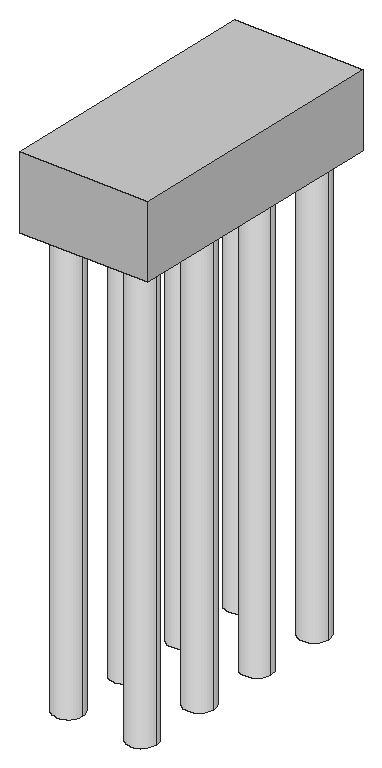
Revit family "ade8cc5d83104b6eba9142663ebb6f5b", category Structural Foundations, Revit 2021
Family settings
  Material for Model Behavior = Concrete
  Cap = No
  OmniClass Number = 23.25.05.11
  OmniClass Title = Foundation Piles
  Seek Item ID = Pile Cap-8 Pile-0000-USA-ENU
  Work Plane-Based = No
  Always vertical = Yes
  Cut with Voids When Loaded = No
  Shared = No
Parameters (values of type "150"x71"x40"")
  Width = 5' - 11"
  Type Visibility 2 = no
  Type Visibility 1 = yes
  Structural Material [instance] = Concrete, Cast-in-Place gray
  Pile Type = Pile-Steel Pipe : 16" Diameter
  Length = 12' - 6"
  Foundation Thickness = 3' - 4"
  Cut-off = 0' - 6"
  Clearance = 1' - 3"
  Assembly Code = "A1010100"
Types (3): name | Width | Type Visibility 2 | Type Visibility 1 | Length | Foundation Thickness | Assembly Code
  (no name) | 5' - 11" | no | yes | 12' - 6" | 3' - 4" | "A1010100"
  150"x71"x40" | 5' - 11" | no | yes | 12' - 6" | 3' - 4" | "A1010100"
  165"x98"x47" | 8' - 2" | yes | no | 13' - 9" | 3' - 11" | "A1010130"
Reference planes (in)
  plane 1 "Center (Front/Back)": y = 0
  plane 2: z = 0
  plane 3 "Center (Left/Right)": x = 0
  plane 4: z = -40
  plane 5: y = 75
  plane 6: x = -35.5
  plane 7: x = 35.5
  plane 8: y = -60
  plane 9: z = -34
  plane 10: x = -20.5
  plane 11: x = 20.5
  plane 12: y = 60
  plane 13: y = -75
  plane 14: y = -20
  plane 15: y = 20
  plane 16: y = 30
  plane 17: y = -30
Forms (in)
  Extrusion 1, solid, material "Concrete, Cast-in-Place gray" <- "Structural Material"
    sketch origin (0, 0, 0) x (1, 0, 0) y (0, 1, 0)
      loop
        line (-35.5, 75) -> (-35.5, -75) -> (35.5, -75) -> (35.5, 75) -> (-35.5, 75)
    from -40 to 0
Dimensions and locks (in)
  "Foundation Thickness": plane 2 to plane 4
  equal spacing: plane 6, plane 3 "Center (Left/Right)", plane 7  (x2)
  "Width": plane 6 to plane 7
  "Cut-off": plane 4 to plane 9
  "Clearance": plane 6 to plane 10
  "Clearance": plane 11 to plane 7
  "Clearance": plane 12 to plane 5
  "Clearance": plane 13 to plane 8
  "Length": plane 5 to plane 13
  equal spacing: plane 5, plane 1 "Center (Front/Back)", plane 13
  equal spacing: plane 8, plane 14, plane 15, plane 12
  equal spacing: plane 1 "Center (Front/Back)", plane 16, plane 12
  equal spacing: plane 8, plane 17, plane 1 "Center (Front/Back)"
  aligned and locked: plane 4 to Extrusion 1
  aligned and locked: level to Extrusion 1
  aligned and locked: plane 12 to nested 1
  aligned and locked: plane 10 to nested 2
  aligned and locked: plane 8 to nested 2
  aligned and locked: plane 11 to nested 3
  aligned and locked: Extrusion 1 sketch curve to plane 6
  aligned and locked: plane 5 to Extrusion 1 sketch curve
  aligned and locked: plane 13 to Extrusion 1 sketch curve
  aligned and locked: Extrusion 1 sketch curve to plane 7
  aligned and locked: plane 12 to nested 6
  aligned and locked: plane 10 to nested 9
  aligned and locked: plane 10 to nested 11
  aligned and locked: plane 10 to nested 10
  aligned and locked: plane 10 to nested 1
  aligned and locked: plane 11 to nested 6
  aligned and locked: plane 11 to nested 5
  aligned and locked: plane 11 to nested 7
  aligned and locked: plane 11 to nested 4
  aligned and locked: plane 3 "Center (Left/Right)" to nested 8
  aligned and locked: plane 3 "Center (Left/Right)" to nested 12
  aligned and locked: plane 8 to nested 3
  aligned and locked: plane 1 "Center (Front/Back)" to nested 7
  aligned and locked: plane 1 "Center (Front/Back)" to nested 11
  aligned and locked: nested 8 to plane 16
  aligned and locked: nested 5 to plane 15
  aligned and locked: nested 10 to plane 15
  aligned and locked: nested 9 to plane 14
  aligned and locked: nested 4 to plane 14
  aligned and locked: nested 12 to plane 17
  aligned and locked: plane 9 to nested 1
  aligned and locked: plane 9 to nested 10
  aligned and locked: plane 9 to nested 11
  aligned and locked: plane 9 to nested 9
  aligned and locked: plane 9 to nested 2
  aligned and locked: plane 9 to nested 8
  aligned and locked: plane 9 to nested 12
  aligned and locked: plane 9 to nested 6
  aligned and locked: plane 9 to nested 5
  aligned and locked: plane 9 to nested 7
  aligned and locked: plane 9 to nested 4
  aligned and locked: plane 9 to nested 3
Nested families (in)
  nested 1: "Pile-Steel Pipe" at (-20.5, 60, -40), type <- "Pile Type", type "16" Diameter"
    with Structural Material Steel ASTM A572
  nested 2: "Pile-Steel Pipe" at (-20.5, -60, -40), type <- "Pile Type", type "16" Diameter"
    with Structural Material Steel ASTM A572
  nested 3: "Pile-Steel Pipe" at (20.5, -60, -40), type <- "Pile Type", type "16" Diameter"
    with Structural Material Steel ASTM A572
  nested 4: "Pile-Steel Pipe" at (20.5, -20, -40), visible <- "Type Visibility 1", type <- "Pile Type", type "16" Diameter"
    with Structural Material Steel ASTM A572
  nested 5: "Pile-Steel Pipe" at (20.5, 20, -40), visible <- "Type Visibility 1", type <- "Pile Type", type "16" Diameter"
    with Structural Material Steel ASTM A572
  nested 6: "Pile-Steel Pipe" at (20.5, 60, -40), type <- "Pile Type", type "16" Diameter"
    with Structural Material Steel ASTM A572
  nested 7: "Pile-Steel Pipe" at (20.5, 0, -40), visible <- "Type Visibility 2", type <- "Pile Type", type "16" Diameter"
    with Structural Material Steel ASTM A572
  nested 8: "Pile-Steel Pipe" at (0, 30, -40), visible <- "Type Visibility 2", type <- "Pile Type", type "16" Diameter"
    with Structural Material Steel ASTM A572
  nested 9: "Pile-Steel Pipe" at (-20.5, -20, -40), visible <- "Type Visibility 1", type <- "Pile Type", type "16" Diameter"
    with Structural Material Steel ASTM A572
  nested 10: "Pile-Steel Pipe" at (-20.5, 20, -40), visible <- "Type Visibility 1", type <- "Pile Type", type "16" Diameter"
    with Structural Material Steel ASTM A572
  nested 11: "Pile-Steel Pipe" at (-20.5, 0, -40), visible <- "Type Visibility 2", type <- "Pile Type", type "16" Diameter"
    with Structural Material Steel ASTM A572
  nested 12: "Pile-Steel Pipe" at (0, -30, -40), visible <- "Type Visibility 2", type <- "Pile Type", type "16" Diameter"
    with Structural Material Steel ASTM A572
Definition of nested family "Pile-Steel Pipe"
  Parameters (values of type "8" Diameter")
    Structural Material [instance] = none
    Radius = Diameter / 2  # 0' - 4"
    Minimum Embedment = 0' - 6"
    Diameter = 0' - 8"
    Depth = 20' - 0"
    Assembly Code = "A1020130"
  Types (7): name | Radius | Diameter
    (no name) | 0' - 4" | 0' - 8"
    12" Diameter | 0' - 6" | 1' - 0"
    24" Diameter | 1' - 0" | 2' - 0"
    10" Diameter | 0' - 5" | 0' - 10"
    16" Diameter | 0' - 8" | 1' - 4"
    20" Diameter | 0' - 10" | 1' - 8"
    8" Diameter | 0' - 4" | 0' - 8"
  Reference planes (in)
    plane 1 "Center (Front/Back)": y = 0
    plane 2: z = 0
    plane 3 "Center (Left/Right)": x = 0
    plane 4: z = -240
    plane 5: z = 6
  Forms (in)
    Extrusion 1, solid, material <- "Structural Material"
      sketch origin (0, 0, 0) x (1, 0, 0) y (0, 1, 0)
        loop
          circle (0, 0) r 4
      from -240 to 6
  Dimensions and locks (in)
    "Depth": plane 2 to plane 4
    "Minimum Embedment": plane 5 to plane 2
    "Radius": radius of Extrusion 1 sketch curve
    aligned and locked: Extrusion 1 to plane 4
    aligned and locked: Extrusion 1 to plane 5
  Automatic sketch dimensions
    Extrusion 1 sketch curve to plane 1 "Center (Front/Back)" = 0' - 0"
    Extrusion 1 sketch curve to plane 3 "Center (Left/Right)" = 0' - 0"
